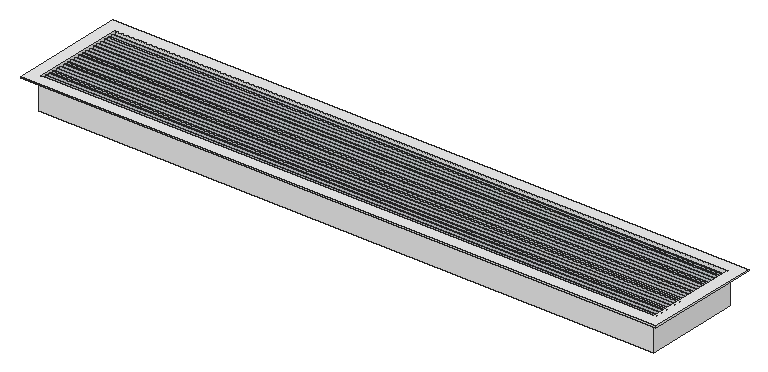
Revit family "DC_Holyoake_MEQ_LD-615SD_13", category Air Terminals, host Face, Revit 2013
Parameters (values of type "LD-615SD")
  Width LD [instance] = 150.0 mm
  URL = "http://www.holyoake.com"
  Type Comments = "Fineline Diffuser Series LD linear bar grilles"  # constant formula
  Static Pressure Min = 4.00 Pa
  Static Pressure Max = 78.00 Pa
  Noise Level NC Min = "< 10 NC"
  Noise Level NC Max = "53 NC"
  Model = "LD-615SD"  # constant formula
  Min Flow = 30 L/s  # constant formula
  Max Flow = 2600 L/s  # constant formula
  Material Face = Holyoake-Aluminium
  Material Body = Holyoake-Aluminium
  Manufacturer = "Holyoake"  # constant formula
  Length LD [instance] = 1000.0 mm
  Holyoake Product Range = "Holyoake Fineline Diffusers"  # constant formula
  Flow = 0 L/s
  Description = "Linear Bar Grille Registers with Vertical Rear Deflector Blades shall be Holyoake Model LD-615-SD with Horizontal Front Linear Bars of 3.25mm Blades at 6.35mm centres set at 15 degrees deflection together with one set of Black Anodised Vertical Airfoil Individually Adjustable Deflection Blades at rear.  Linear Bar Grille Registers shall be of extruded aluminium construction to the sizes as documented. Fine line linear blades shall be mechanically expanded into machine notched mullions spaced at no greater then 300mm centres. Diffusers shall be finished in powder coat and fitted with accessories and dampers where indicated as manufactured by Holyoake"  # constant formula
  Default Elevation = 0.0 mm
  Array Number [instance] = ((Width LD - 25.4 mm) / 6.4 mm) - 0.9  # 19
Reference planes
  plane 1 "Center (Front/Back)": y = 0
  plane 2: z = 0
  plane 3 "Center (Left/Right)": x = 0
  plane 4: x = -500
  plane 5: x = 500
  plane 6: y = 75
  plane 7: y = -75
Forms (mm)
  Sweep 1, solid, material "Holyoake-Aluminium" <- "Material Body"
    path origin (0, 0, 0) x (1, 0, 0) y (0, 1, 0)
      loop
        line (-500, 75) -> (-500, -75) -> (500, -75) -> (500, 75) -> (-500, 75)
    profile origin (0, 75, 0) x (0, 1, 0) y (0, 0, 1)
      loop
        line (2, 0) -> (19, 0) -> (19, 2) -> (0, 2) -> (0, -50) -> (2, -50) -> (2, 0)
  Extrusion 2, void
    sketch origin (0, 0, 0) x (1, 0, 0) y (0, 1, 0)
      loop
        line (-500, 75) -> (-500, -75) -> (500, -75) -> (500, 75) -> (-500, 75)
    from 0 to -1000
Cuts and joins
  Extrusion 2 cuts Sweep 1
Lines and regions (mm)
  reference lines
    curve 1: line (-590.798, 68.65, 0) -> (-485.798, 68.65, 0)
    curve 2: line (-590.798, -68.65, 0) -> (-490.798, -68.65, 0)
Dimensions and locks
  equal spacing: plane 6, plane 1 "Center (Front/Back)", plane 7
  "Width LD": plane 6 to plane 7
  "Length LD": plane 4 to plane 5
  equal spacing: plane 4, plane 3 "Center (Left/Right)", plane 5
  locked: plane 6 to curve 1 at 6.35
  locked: curve 2 to plane 7 at 6.35
  equal spacing: group 1, group 3, group 4, group 5, group 6, group 7, group 8, group 9, group 10, group 11, group 12, group 13, group 14, group 15, group 16, group 17, group 18, group 19, group 2  (x2)
  equal spacing: group 2, group 19, group 18, group 17, group 16, group 15, group 14, group 13, group 12, group 11, group 10, group 9, group 8, group 7, group 6, group 5, group 4, group 3, group 1
  aligned and locked: plane 2 to host face
  aligned and locked: level to host face
  aligned and locked: plane 4 to Sweep 1 sketch curve
  aligned and locked: Sweep 1 sketch curve to plane 6
  aligned and locked: plane 7 to Sweep 1 sketch curve
  aligned and locked: Sweep 1 sketch curve to plane 5
  aligned and locked: plane 4 to nested 1
  aligned and locked: plane 4 to Sweep 1
  aligned and locked: nested 1 to curve 1
  aligned and locked: Sweep 1 to level
  aligned and locked: curve 2 to nested 2
  aligned and locked: plane 4 to nested 2
  aligned and locked: Extrusion 2 sketch curve to Sweep 1  (x3)
  aligned and locked: Sweep 1 to Extrusion 2 sketch curve
Automatic sketch dimensions
  Sweep 1 sketch curve to level = 0.0 mm
  Sweep 1 sketch curve to profile plane = 0.0 mm
  Sweep 1 sketch curve to Sweep 1 sketch curve = 2.0 mm
  Sweep 1 sketch curve to Sweep 1 sketch curve = 17.0 mm
  Sweep 1 sketch curve to Sweep 1 sketch curve = 50.0 mm
  level to Sweep 1 sketch curve = 2.0 mm
  host sketch curve to host sketch curve = 1317.559 mm
  host sketch curve to host sketch curve = 481.337 mm
  curve 2 to plane 4 = 90.798 mm
  curve 1 to curve 2 = 0.0 mm
  plane 4 to curve 2 = 9.202 mm
  plane 4 to curve 1 = 14.202 mm
Nested families
  nested 1: "LD Blade" at (-500, 67.15, 0), Blade Length <- "Length LD", type "LD Blade"
    with Blade Length 1000.0 mm
  nested 2: "LD Blade" at (-500, -68.65, 0), Blade Length <- "Length LD", type "LD Blade"
    with Blade Length 1000.0 mm
  nested 3: "LD Blade" at (-500, 59.606, 0), Blade Length <- "Length LD", type "LD Blade"
    with Blade Length 1000.0 mm
  nested 4: "LD Blade" at (-500, 52.061, 0), Blade Length <- "Length LD", type "LD Blade"
    with Blade Length 1000.0 mm
  nested 5: "LD Blade" at (-500, 44.517, 0), Blade Length <- "Length LD", type "LD Blade"
    with Blade Length 1000.0 mm
  nested 6: "LD Blade" at (-500, 36.972, 0), Blade Length <- "Length LD", type "LD Blade"
    with Blade Length 1000.0 mm
  nested 7: "LD Blade" at (-500, 29.428, 0), Blade Length <- "Length LD", type "LD Blade"
    with Blade Length 1000.0 mm
  nested 8: "LD Blade" at (-500, 21.883, 0), Blade Length <- "Length LD", type "LD Blade"
    with Blade Length 1000.0 mm
  nested 9: "LD Blade" at (-500, 14.339, 0), Blade Length <- "Length LD", type "LD Blade"
    with Blade Length 1000.0 mm
  nested 10: "LD Blade" at (-500, 6.794, 0), Blade Length <- "Length LD", type "LD Blade"
    with Blade Length 1000.0 mm
  nested 11: "LD Blade" at (-500, -0.75, 0), Blade Length <- "Length LD", type "LD Blade"
    with Blade Length 1000.0 mm
  nested 12: "LD Blade" at (-500, -8.294, 0), Blade Length <- "Length LD", type "LD Blade"
    with Blade Length 1000.0 mm
  nested 13: "LD Blade" at (-500, -15.839, 0), Blade Length <- "Length LD", type "LD Blade"
    with Blade Length 1000.0 mm
  nested 14: "LD Blade" at (-500, -23.383, 0), Blade Length <- "Length LD", type "LD Blade"
    with Blade Length 1000.0 mm
  nested 15: "LD Blade" at (-500, -30.928, 0), Blade Length <- "Length LD", type "LD Blade"
    with Blade Length 1000.0 mm
  nested 16: "LD Blade" at (-500, -38.472, 0), Blade Length <- "Length LD", type "LD Blade"
    with Blade Length 1000.0 mm
  nested 17: "LD Blade" at (-500, -46.017, 0), Blade Length <- "Length LD", type "LD Blade"
    with Blade Length 1000.0 mm
  nested 18: "LD Blade" at (-500, -53.561, 0), Blade Length <- "Length LD", type "LD Blade"
    with Blade Length 1000.0 mm
  nested 19: "LD Blade" at (-500, -61.106, 0), Blade Length <- "Length LD", type "LD Blade"
    with Blade Length 1000.0 mm
Definition of nested family "LD Blade"
  Parameters (values of type "LD Blade")
    Blade Material = none
    Blade Length [instance] = 600.0 mm
    Assembly Code = ""
  Reference planes
    plane 1 "Center (Front/Back)": y = 0
    plane 2: z = 0
    plane 3 "Center (Left/Right)": x = 0
    plane 4: x = 600
  Forms (mm)
    Extrusion 1, solid
      sketch origin (0, -1.042, 0) x (1, 0, 0) y (0, 1, 0)
        loop
          line (0, 1.042) -> (600, 1.042) -> (600, 2.542) -> (0, 2.542) -> (0, 1.042)
      from 0 to -20
  Dimensions and locks
    Extrusion 1 sketch curve to Extrusion 1 sketch curve = 1.5 mm
    "Blade Length": plane 3 "Center (Left/Right)" to plane 4
    locked: plane 1 "Center (Front/Back)" to Extrusion 1 at 1.5
    aligned and locked: plane 1 "Center (Front/Back)" to Extrusion 1
    aligned and locked: Extrusion 1 to plane 3 "Center (Left/Right)"
    aligned and locked: plane 4 to Extrusion 1
  Automatic sketch dimensions
    Extrusion 1 sketch curve to plane 1 "Center (Front/Back)" = 1.5 mm
    Extrusion 1 sketch curve to plane 3 "Center (Left/Right)" = 0.0 mm
    plane 4 to Extrusion 1 sketch curve = 0.0 mm
